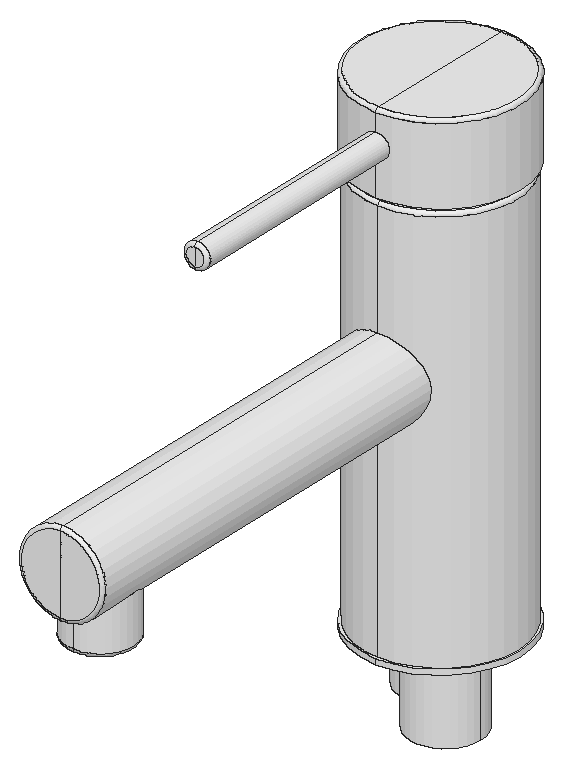
Revit family "Mixer-Basin-Irwell Pin Lever", category Plumbing Fixtures, host Face, Revit 2013
Parameters (values of type "Standard")
  Waste Connection = no
  Vent Connection = no
  URL = "www.irwell.com.au"
  Type Comments = "Irwell Pin Lever Basin Mixer"  # constant formula
  ModifiedIssue_ANZRS = 2013.1  # constant formula
  Model = "872550C5A"  # constant formula
  Material_ANZRS = Metal-Chrome-Caroma
  Manufacturer = "GWA Bathrooms & Kitchens"  # constant formula
  HWFU = 1.58  # constant formula
  HW Connection = yes
  Description = "WELS 5 Star Rated, 6L/min"  # constant formula
  Default Elevation = 900 mm
  CreatedBy_ANZRS = "Design Content"  # constant formula
  CreatedByURL_ANZRS = "www.designcontent.com.au"
  Cost = 0
  Connector Radius = 10 mm
  CWFU = 1.58  # constant formula
  CW Connection = yes
  Assembly Code = "C1030210"
Reference planes
  plane 1 "Center (Front/Back)": y = 0
  plane 2: z = 0
  plane 3 "Center (Left/Right)": x = 0
Forms (mm)
  Revolve 1, solid, material "Metal-Chrome-Caroma" <- "Material_ANZRS"
    sketch origin (0, 0, 0) x (0, 1, 0) y (0, 0, 1)
      loop
        line (0, 0) -> (0, 1.5) -> (-22.68, 1.5) -> (-22.68, 0) -> (0, 0)
      axis (0, 0) -> (0, 1.5)
    angle from 0 to 360
  Revolve 2, solid, material "Metal-Chrome-Caroma" <- "Material_ANZRS"
    sketch origin (0, -129.116, 17.581) x (0, 1, 0) y (0, 0, 1)
      loop
        line (42.586, 115.967) -> (42.586, 113.419) -> (117.568, 113.419) -> (117.568, 116.943) -> (43.563, 116.943)
        arc (43.563, 116.943) -> (42.872, 116.657) -> (42.586, 115.967) r 0.977
      axis (42.586, 113.419) -> (117.568, 113.419)
    angle from 0 to 360
  Revolve 3, solid, material "Metal-Chrome-Caroma" <- "Material_ANZRS"
    sketch origin (0, -169.116, -46.929) x (0, 1, 0) y (0, 0, 1)
      loop
        line (35.116, 129.43) -> (35.116, 118.429) -> (156.829, 118.429) -> (156.829, 130.412) -> (36.098, 130.412)
        arc (36.098, 130.412) -> (35.404, 130.125) -> (35.116, 129.43) r 0.983
      axis (35.116, 118.429) -> (156.829, 118.429)
    angle from 0 to 360
  Revolve 4, solid, material "Metal-Chrome-Caroma" <- "Material_ANZRS"
    sketch origin (0, -67.487, 0) x (0, 1, 0) y (0, 0, 1)
      loop
        line (-52.512, 49.708) -> (-43.995, 49.708)
        arc (-43.995, 49.708) -> (-43.301, 49.996) -> (-43.013, 50.69) r 0.982
        line (-43.013, 50.69) -> (-43.013, 66.311) -> (-52.512, 66.311) -> (-52.512, 49.708)
      axis (-52.512, 49.708) -> (-52.512, 66.311)
    angle from 0 to 360
  Extrusion 5, solid, material "Metal-Chrome-Caroma" <- "Material_ANZRS"
    sketch origin (14.142, 0, 0) x (1, 0, 0) y (0, 1, 0)
      loop
        circle (-7.071, -7.071) r 10
    from -20 to 0
  Extrusion 6, solid, material "Metal-Chrome-Caroma" <- "Material_ANZRS"
    sketch origin (-14.142, 0, 0) x (-1, 0, 0) y (0, -1, 0)
      loop
        circle (-7.071, -7.071) r 10
    from -20 to 0
  Revolve 7, solid, material "Metal-Chrome-Caroma" <- "Material_ANZRS"
    sketch origin (0, 0, 0) x (0, 1, 0) y (0, 0, 1)
      loop
        line (-21.981, 1.5) -> (0, 1.5) -> (0, 140.5) -> (-21.733, 140.5)
        arc (-21.733, 140.5) -> (-22.438, 140.208) -> (-22.73, 139.503) r 0.997
        line (-22.73, 139.503) -> (-22.73, 118) -> (-20.63, 118)
        arc (-20.63, 118) -> (-20.82, 117.253) -> (-20.981, 116.5) r 19.78
        arc (-20.981, 116.5) -> (-21.688, 116.206) -> (-21.981, 115.499) r 1.001
        line (-21.981, 115.499) -> (-21.981, 1.5)
      axis (0, 1.5) -> (0, 140.5)
    angle from 0 to 360
Cuts and joins
  joined: Revolve 1, Revolve 2, Revolve 3, Revolve 4, Revolve 7
Lines and regions (mm)
  Masking region 1
    outline origin (0, 0, 0) x (0, 1, 0) y (0, 0, 1)
      loop
        line (-21.981, 1.5) -> (0, 1.5) -> (21.981, 1.5) -> (21.981, 115.499)
        arc (21.981, 115.499) -> (21.688, 116.206) -> (20.981, 116.5) r 1.001
        arc (20.981, 116.5) -> (20.82, 117.253) -> (20.63, 118) r 19.78
        line (20.63, 118) -> (22.73, 118) -> (22.73, 139.503)
        arc (22.73, 139.503) -> (22.438, 140.208) -> (21.733, 140.5) r 0.997
        line (21.733, 140.5) -> (0, 140.5) -> (-21.733, 140.5)
        arc (-21.733, 140.5) -> (-22.438, 140.208) -> (-22.73, 139.503) r 0.997
        line (-22.73, 139.503) -> (-22.73, 134.524) -> (-85.51, 134.524)
        arc (-85.51, 134.524) -> (-86.217, 134.231) -> (-86.51, 133.524) r 1
        line (-86.51, 133.524) -> (-86.51, 128.476)
        arc (-86.51, 128.476) -> (-86.217, 127.769) -> (-85.51, 127.476) r 1
        line (-85.51, 127.476) -> (-22.73, 127.476) -> (-22.73, 118) -> (-20.63, 118)
        arc (-20.63, 118) -> (-20.82, 117.253) -> (-20.981, 116.5) r 19.78
        arc (-20.981, 116.5) -> (-21.688, 116.206) -> (-21.981, 115.499) r 1.001
        line (-21.981, 115.499) -> (-21.981, 83.484) -> (-132.995, 83.484)
        arc (-132.995, 83.484) -> (-133.702, 83.191) -> (-133.995, 82.484) r 1
        line (-133.995, 82.484) -> (-133.995, 60.516)
        arc (-133.995, 60.516) -> (-133.702, 59.809) -> (-132.995, 59.516) r 1
        line (-132.995, 59.516) -> (-129.498, 59.516) -> (-129.498, 50.714)
        arc (-129.498, 50.714) -> (-129.205, 50.007) -> (-128.498, 49.714) r 1
        line (-128.498, 49.714) -> (-111.5, 49.714)
        arc (-111.5, 49.714) -> (-110.793, 50.007) -> (-110.5, 50.714) r 1
        line (-110.5, 50.714) -> (-110.5, 59.516) -> (-21.981, 59.516) -> (-21.981, 1.5)
  Masking region 2
    outline origin (0, 0, 0) x (1, 0, 0) y (0, 0, 1)
      loop
        line (21.981, 1.5) -> (21.981, 115.499)
        arc (21.981, 115.499) -> (21.688, 116.206) -> (20.981, 116.5) r 1.001
        arc (20.981, 116.5) -> (20.82, 117.253) -> (20.63, 118) r 19.78
        line (20.63, 118) -> (22.73, 118) -> (22.73, 139.503)
        arc (22.73, 139.503) -> (22.438, 140.208) -> (21.733, 140.5) r 0.997
        line (21.733, 140.5) -> (0, 140.5) -> (-21.733, 140.5)
        arc (-21.733, 140.5) -> (-22.438, 140.208) -> (-22.73, 139.503) r 0.997
        line (-22.73, 139.503) -> (-22.73, 118) -> (-20.63, 118)
        arc (-20.63, 118) -> (-20.82, 117.253) -> (-20.981, 116.5) r 19.78
        arc (-20.981, 116.5) -> (-21.688, 116.206) -> (-21.981, 115.499) r 1.001
        line (-21.981, 115.499) -> (-21.981, 1.5) -> (0, 1.5) -> (21.981, 1.5)
  Masking region 3
    outline origin (0, 0, 0) x (1, 0, 0) y (0, 1, 0)
      loop
        line (11.984, -132.996) -> (11.984, -19.047)
        arc (11.984, -19.047) -> (0, 22.73) -> (-11.984, -19.047) r 22.608
        line (-11.984, -19.047) -> (-11.984, -132.996)
        arc (-11.984, -132.996) -> (-11.691, -133.703) -> (-10.984, -133.996) r 1
        line (-10.984, -133.996) -> (10.984, -133.996)
        arc (10.984, -133.996) -> (11.691, -133.703) -> (11.984, -132.996) r 1
  Masking region 4
    outline origin (0, 0, 0) x (0, 1, 0) y (0, 0, 1)
      loop
        line (22.68, 1.5) -> (-22.68, 1.5) -> (-22.68, 0) -> (22.68, 0) -> (22.68, 1.5)
  Masking region 5
    outline origin (0, 0, 0) x (1, 0, 0) y (0, 0, 1)
      loop
        line (-22.679, 0) -> (22.679, 0) -> (22.679, 1.5) -> (-22.679, 1.5) -> (-22.679, 0)
  symbolic lines
    curve 1: arc (0, -22.504, 0) -> (-22.504, 0, 0) -> (0, 22.504, 0) r 22.504
    curve 2: arc (0, 22.504, 0) -> (22.504, 0, 0) -> (0, -22.504, 0) r 22.504
    curve 3: line (0, -132.506, 0) -> (11.984, -132.506, 0)
    curve 4: line (-11.984, -132.506, 0) -> (0, -132.506, 0)
    curve 5: line (0, -21.981, 83.484) -> (0, -21.981, 59.516)
    curve 6: line (0, -110.5, 59.516) -> (0, -129.498, 59.516)
    curve 7: arc (0, -22.73, 134.524) -> (0, -22.441, 131) -> (0, -22.73, 127.476) r 21.611
    curve 8: line (0, 20.63, 118) -> (0, -20.63, 118)
    curve 9: line (0, -20.981, 116.5) -> (0, 20.981, 116.5)
    curve 10: arc (0, 0, 134.524) -> (-3.524, 0, 131) -> (0, 0, 127.476) r 3.524
    curve 11: arc (0, 0, 127.476) -> (3.524, 0, 131) -> (0, 0, 134.524) r 3.524
    curve 12: line (-20.63, 0, 118) -> (20.63, 0, 118)
    curve 13: line (-20.981, 0, 116.5) -> (20.981, 0, 116.5)
    curve 14: arc (0, 0, 83.484) -> (-11.984, 0, 71.5) -> (0, 0, 59.516) r 11.984
    curve 15: arc (0, 0, 59.516) -> (11.984, 0, 71.5) -> (0, 0, 83.484) r 11.984
    curve 16: line (-9.492, 0, 64.185) -> (-9.492, 0, 50.741)
    curve 17: line (-8.478, 0, 49.727) -> (0, 0, 49.727)
    curve 18: arc (-9.492, 0, 50.741) -> (-9.195, 0, 50.024) -> (-8.478, 0, 49.727) r 1.014
    curve 19: line (9.492, 0, 64.185) -> (9.492, 0, 50.741)
    curve 20: line (8.478, 0, 49.727) -> (0, 0, 49.727)
    curve 21: arc (9.492, 0, 50.741) -> (9.195, 0, 50.024) -> (8.478, 0, 49.727) r 1.014
    curve 22: line (-3.498, -22.46, 0) -> (-3.498, -85.535, 0)
    curve 23: line (-2.498, -86.535, 0) -> (0, -86.535, 0)
    curve 24: arc (-3.498, -85.535, 0) -> (-3.205, -86.242, 0) -> (-2.498, -86.535, 0) r 1
    curve 25: line (3.498, -22.46, 0) -> (3.498, -85.535, 0)
    curve 26: line (2.498, -86.535, 0) -> (0, -86.535, 0)
    curve 27: arc (3.498, -85.535, 0) -> (3.205, -86.242, 0) -> (2.498, -86.535, 0) r 1
Dimensions and locks
  aligned and locked: plane 2 to host face
  aligned and locked: level to host face
Connectors
  piping at (7.071, -7.071, -20), driven by "Connector Radius", driven by "CWFU"
    settings: on Extrusion 5, index 3, connector radius 0.3937", flow factor 0, pipe flow 0 GPM, pressure drop 0.00 psi, fitting loss kfactor 0, connector angle 0.00°, fixture units 1.58, engagement length 0 mm, flow configuration 3, flow direction 1, fitting loss method 1, system type 20, joint type 0, gender type 0, connector reference index -1, connector utility 0, adjustable connector no, is connector primary yes, fitting loss table "Outlet", connector description "Cold Inlet"
  piping at (-7.071, 7.071, -20), driven by "Connector Radius", driven by "HWFU"
    settings: on Extrusion 6, index 4, connector radius 0.3937", flow factor 0, pipe flow 0 GPM, pressure drop 0.00 psi, fitting loss kfactor 0, connector angle 0.00°, fixture units 1.58, engagement length 0 mm, flow configuration 3, flow direction 1, fitting loss method 1, system type 19, joint type 0, gender type 0, connector reference index -1, connector utility 0, adjustable connector no, is connector primary no, fitting loss table "Outlet", connector description "Hot Inlet"
